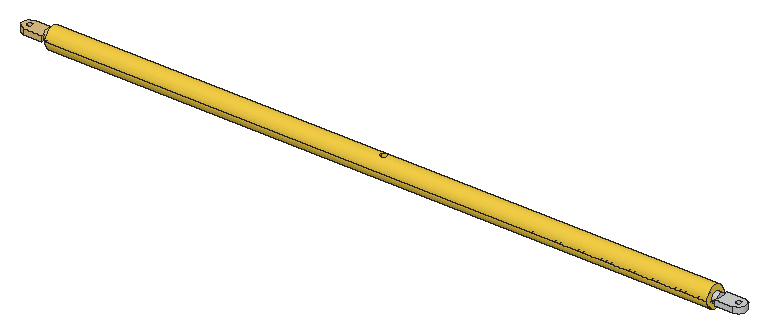
Revit family "PUSH-PULL PROP 2,4-3,5_1900123", category Generic Models, Revit 2018
Family settings
  Can host rebar = No
  Round Connector Dimension = Use Diameter
  Part Type = Normal
  OmniClass Number = 35.51.14.00
  OmniClass Title = FORMWORK
  Work Plane-Based = Yes
  Always vertical = No
  Cut with Voids When Loaded = No
  Shared = Yes
  Room Calculation Point = No
Parameters
  VERSION = "20190101"  # constant formula
  URL = "www.ulmaconstruction.com/en"
  UNICLASS = ""
  Manufacturer = "ULMA CONSTRUCTION"  # constant formula
  MIN LENGTH = 2400.000 mm
  MAX LENGTH = 3500.000 mm
  LENGTH [instance] = 2400.000 mm
  ITEM_LENGTH [instance] = if(LENGTH < MIN LENGTH, MIN LENGTH, if(LENGTH < MAX LENGTH, LENGTH, MAX LENGTH))  # 2400.000 mm
  FILTER [instance] = ""
  Default Elevation = 0.000 mm
  CLASSIFICATION_TITLE = ""
  CLASSIFICATION_NUMBER = ""
Reference planes
  plane 1 "Centro (Frontal/Posterior)": y = 0
  plane 2: z = 0
  plane 3 "Centro (Izquierda/Derecha)": x = 0
  plane 4 "MIDDLE": x = 1200
  plane 5 "LEFT SCREW START": x = 60
  plane 6 "LEFT SCREW END": x = 700
  plane 7 "BODY START": x = 80
  plane 8 "BODY END": x = 2320
  plane 9 "RIGHT SCREW END": x = 1700
  plane 10 "RIGHT SCREW START": x = 2340
  plane 11 "ITEM_LENGTH": x = 2400
  plane 12 "LENGTH": x = 2400
Forms (mm)
  Extrusion 1, solid, material "ULMA YELLOW", detail levels medium+fine
    sketch origin (80, 97.331, 1219.2) x (0, 1, 0) y (0, 0, 1)
      loop
        circle (-97.331, -1219.2) r 35
    from 0 to 2240
  Extrusion 2, solid, material "ULMA BICHROMATE", detail levels medium+fine
    sketch origin (0, 0, 0) x (1, 0, 0) y (0, 1, 0)
      loop
        line (60, -25) -> (60, 25) -> (0, 25)
        arc (0, 25) -> (-25, 0) -> (0, -25) r 25
        line (0, -25) -> (60, -25)
      loop
        circle (0, 0) r 9
    from -9 to 9
  Extrusion 3, solid, material "ULMA BICHROMATE", detail levels medium+fine
    sketch origin (60, 91.7, 1219.2) x (0, 1, 0) y (0, 0, 1)
      loop
        circle (-91.7, -1219.2) r 18
    from 0 to 640
  Extrusion 4, solid, material "ULMA ZINC", detail levels medium+fine
    sketch origin (1100, 0, 0) x (-1, 0, 0) y (0, -1, 0)
      loop
        line (-1240, 25) -> (-1300, 25)
        arc (-1300, 25) -> (-1325, 0) -> (-1300, -25) r 25
        line (-1300, -25) -> (-1240, -25) -> (-1240, 25)
      loop
        circle (-1300, 0) r 9
    from -9 to 9
  Extrusion 5, solid, material "ULMA ZINC", detail levels medium+fine
    sketch origin (1040, 91.7, 1219.2) x (0, 1, 0) y (0, 0, -1)
      loop
        circle (-91.7, 1219.2) r 18
    from -1300 to -660
  Extrusion 6, void
    sketch origin (0, 0, 0) x (1, 0, 0) y (0, 1, 0)
      loop
        circle (1200, 0) r 10.7
    from -50 to 50
Cuts and joins
  Extrusion 6 cuts Extrusion 1
Lines and regions (mm)
  model lines, style "ULMA PUSH-PULL PROP", detail levels coarse
    curve 1: line (0, 0, 0) -> (2400, 0, 0)
Dimensions and locks
  "ITEM_LENGTH": plane 3 "Centro (Izquierda/Derecha)" to plane 11 "ITEM_LENGTH"
  "LENGTH": plane 3 "Centro (Izquierda/Derecha)" to plane 12 "LENGTH"
  locked: plane 3 "Centro (Izquierda/Derecha)" to plane 5 "LEFT SCREW START" at 60
  locked: plane 5 "LEFT SCREW START" to plane 6 "LEFT SCREW END" at 640
  locked: plane 10 "RIGHT SCREW START" to plane 11 "ITEM_LENGTH" at 60
  locked: plane 9 "RIGHT SCREW END" to plane 10 "RIGHT SCREW START" at 640
  equal spacing: plane 3 "Centro (Izquierda/Derecha)", plane 4 "MIDDLE", plane 11 "ITEM_LENGTH"
  equal spacing: plane 7 "BODY START", plane 4 "MIDDLE", plane 8 "BODY END"
  locked: plane 7 "BODY START" to plane 8 "BODY END" at 2240
  diameter of Extrusion 3 sketch curve = 36.000 mm
  diameter of Extrusion 5 sketch curve = 36.000 mm
  diameter of Extrusion 1 sketch curve = 70.000 mm
  aligned and locked: level to plane 2
  aligned and locked: Extrusion 1 to plane 7 "BODY START"
  aligned and locked: plane 8 "BODY END" to Extrusion 1
  aligned and locked: plane 5 "LEFT SCREW START" to Extrusion 2
  aligned and locked: Extrusion 3 to plane 5 "LEFT SCREW START"
  aligned and locked: plane 6 "LEFT SCREW END" to Extrusion 3
  aligned and locked: plane 10 "RIGHT SCREW START" to Extrusion 4
  aligned and locked: Extrusion 5 to plane 10 "RIGHT SCREW START"
  aligned and locked: Extrusion 5 to plane 9 "RIGHT SCREW END"
Automatic sketch dimensions
  Extrusion 2 sketch curve to Extrusion 2 sketch curve = 0.000 mm  (x2)
  Extrusion 2 sketch curve to plane 3 "Centro (Izquierda/Derecha)" = 0.000 mm
  Extrusion 2 sketch curve to plane 5 "LEFT SCREW START" = 0.000 mm
  plane 1 "Centro (Frontal/Posterior)" to Extrusion 2 sketch curve = 0.000 mm
  plane 1 "Centro (Frontal/Posterior)" to Extrusion 2 sketch curve = 25.000 mm
  Extrusion 4 sketch curve to Extrusion 4 sketch curve = 0.000 mm  (x2)
  plane 1 "Centro (Frontal/Posterior)" to Extrusion 4 sketch curve = 0.000 mm
  Extrusion 4 sketch curve to plane 10 "RIGHT SCREW START" = 0.000 mm
  Extrusion 4 sketch curve to plane 1 "Centro (Frontal/Posterior)" = 25.000 mm
  Extrusion 4 sketch curve to Extrusion 4 sketch curve = 60.000 mm
  plane 1 "Centro (Frontal/Posterior)" to Extrusion 6 sketch curve = 0.000 mm
  Extrusion 6 sketch curve to plane 4 "MIDDLE" = 0.000 mm
  plane 1 "Centro (Frontal/Posterior)" to curve 1 = 0.000 mm
  curve 1 to plane 3 "Centro (Izquierda/Derecha)" = 0.000 mm
  curve 1 to plane 11 "ITEM_LENGTH" = 0.000 mm
  Extrusion 1 sketch curve to level = 0.000 mm
  Extrusion 1 sketch curve to plane 1 "Centro (Frontal/Posterior)" = 0.000 mm
  Extrusion 3 sketch curve to level = 0.000 mm
  Extrusion 3 sketch curve to plane 1 "Centro (Frontal/Posterior)" = 0.000 mm
  Extrusion 5 sketch curve to level = 0.000 mm
  Extrusion 5 sketch curve to plane 1 "Centro (Frontal/Posterior)" = 0.000 mm
  radius of Extrusion 2 sketch curve = 9.000 mm
  radius of Extrusion 4 sketch curve = 9.000 mm
  radius of Extrusion 6 sketch curve = 10.700 mm
